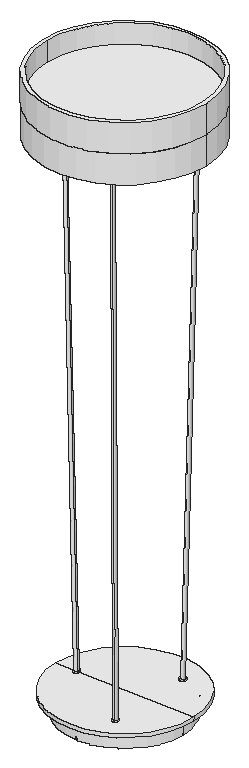
Revit family "DEEP FOCUS ROUND LIGHT", category Lighting Fixtures, host Face, Revit 2020 (continued)
Types (13): name | Wattage Comments | Wattage | Surface Mount | Photometric Web File | Order number | built-in parameter 1150142 | Model | built-in parameter 1150105 | Lumens | built-in parameter 1150106 | Fixture Diameter | Finish/Color | D2 | D1 | Apparent Load | Aircraft Cable Pendant Mount
  DFRID24-80-40901-SMK | "80 W" | 45.7783 W | yes | "DFRID24_80_XX901.IES" | "16832" | "IESNA:LM-63-2002\r\n[TEST] \r\n[DATE] 2022-08-05\r\n[MANUFAC] Aboveall lighting\r\n[LUMCAT] \r\n[LUMINAIRE] DFRID24-80-30901\r\n[LAMPCAT] \r\n[LAMP] SAMSUNG 2835 3000K\r\nTILT=NONE\r\n1 7200.7 1.48 181 9 1 2 0.6 0.6 0.115 \r\n1 1 81.99\r\n0. 1. 2. 3. 4. 5. 6. 7. 8. 9. 10. 11. 12. 13. 14. 15. 16. 17. 18. 19. 20. 21. 22. 23. 24. 25. 26. 27. 28. 29. 30. 31. 32. 33. 34. 35. 36. 37. 38. 39. 40. 41. 42. 43. 44. 45. 46. 47. 48. 49. 50. 51. 52. 53. 54. 55. 56. 57. 58. 59. 60. 61. 62. 63. 64. 65. 66. 67. 68. 69. 70. 71. 72. 73. 74. 75. 76. 77. 78. 79. 80. 81. 82. 83. 84. 85. 86. 87. 88. 89. 90. 91. 92. 93. 94. 95. 96. 97. 98. 99. 100. 101. 102. 103. 104. 105. 106. 107. 108. 109. 110. 111. 112. 113. 114. 115. 116. 117. 118. 119. 120. 121. 122. 123. 124. 125. 126. 127. 128. 129. 130. 131. 132. 133. 134. 135. 136. 137. 138. 139. 140. 141. 142. 143. 144. 145. 146. 147. 148. 149. 150. 151. 152. 153. 154. 155. 156. 157. 158. 159. 160. 161. 162. 163. 164. 165. 166. 167. 168. 169. 170. 171. 172. 173. 174. 175. 176. 177. 178. 179. 180. \r\n0. 45. 90. 135. 180. 225. 270. 315. 360. \r\n1205.18 1206.517 1204.393 1202.977 1199.791 1197.312 1193.064 1186.692 1183.859 1176.779 1168.99 1164.742 1155.184 1144.209 1138.544 1125.445 1111.992 1104.912 1090.397 1082.962 1067.385 1050.746 1042.604 1023.486 1014.636 897.807 897.807 897.807 897.807 897.807 897.807 897.807 887.541 865.945 854.97 832.667 820.984 798.68 776.377 753.011 740.974 717.255 704.156 680.082 656.008 643.971 618.836 593.7 581.309 556.527 531.037 518.293 493.157 480.412 454.922 429.432 403.942 390.844 365.0 337.952 325.172 312.816 287.645 275.254 250.65 238.507 214.433 191.138 179.809 157.435 146.602 125.148 104.862 77.354 76.222 58.768 50.661 35.084 21.312 15.435 9.948 9.311 9.098 8.674 8.709 12.78 47.9 66.982 83.833 100.295 106.668 120.687 128.122 143.663 159.382 167.064 181.898 190.359 205.653 214.539 229.975 245.091 252.809 267.572 267.076 281.131 295.257 300.319 308.604 308.214 308.32 308.108 309.666 310.834 311.825 315.153 318.162 322.269 324.11 328.995 336.395 339.545 342.271 340.961 344.927 348.077 354.379 374.204 380.577 395.092 411.377 407.483 396.508 416.333 421.998 426.954 437.929 450.674 456.338 453.152 450.674 445.717 438.991 435.805 434.743 432.619 431.202 431.91 434.389 437.575 438.283 436.867 437.929 446.78 450.674 452.09 455.984 456.338 453.86 454.568 460.232 459.878 458.462 454.568 455.276 460.587 465.897 468.729 471.915 472.623 466.251 454.922 449.258 453.506 470.145 474.393 480.058 482.89 483.952 482.182 477.934 \r\n1205.18 1201.915 1201.915 1199.791 1197.667 1196.604 1192.71 1188.108 1185.63 1179.965 1176.425 1169.344 1161.202 1156.6 1146.333 1141.022 1122.967 1122.967 1110.222 1096.061 1087.919 1073.05 1064.907 1048.976 1032.337 1023.486 899.223 899.223 899.223 899.223 899.223 899.223 899.223 899.223 877.982 856.74 846.12 823.462 801.513 775.315 766.464 754.781 731.77 708.404 698.137 673.001 660.611 636.537 612.109 599.718 574.937 562.192 537.41 512.628 499.883 462.003 462.003 435.451 409.961 397.216 372.08 358.981 334.129 309.028 296.673 260.279 248.278 236.489 213.194 190.43 179.172 157.293 136.052 125.714 105.039 77.531 74.097 56.219 47.687 32.039 25.348 13.949 10.869 10.55 10.019 9.806 9.452 15.896 46.696 59.264 83.267 106.774 114.067 130.281 147.699 164.126 172.375 189.262 197.794 214.752 231.355 239.604 255.818 271.254 266.581 241.197 221.974 210.574 203.175 201.653 202.538 204.272 205.653 208.06 211.07 235.745 271.643 294.089 328.854 343.121 362.876 370.31 383.763 395.8 401.464 412.439 417.395 427.662 437.929 442.885 453.152 463.773 468.375 478.288 487.138 491.741 500.591 507.672 511.566 519.001 525.373 528.913 536.348 539.534 545.552 545.552 549.447 556.173 559.005 561.13 562.546 572.104 577.769 579.539 582.371 582.371 583.433 586.619 590.16 590.514 590.16 589.098 589.098 588.744 588.035 588.744 589.452 590.514 591.222 590.16 585.911 578.123 573.52 589.098 645.742 685.392 689.287 679.02 672.293 662.381 664.151 \r\n1205.18 1203.331 1203.331 1202.977 1200.853 1199.791 1197.312 1196.25 1192.356 1188.108 1185.63 1179.257 1176.425 1168.99 1164.742 1155.538 1145.625 1139.606 1127.924 1121.905 1108.098 1094.291 1086.857 1071.634 1063.845 1048.268 1030.921 1022.07 1004.015 1004.015 1004.015 1004.015 1004.015 1004.015 1004.015 886.479 876.212 854.262 843.287 820.63 798.68 787.352 775.669 752.303 728.937 705.572 693.181 681.144 657.07 632.289 607.153 594.762 569.98 557.589 531.037 519.001 493.865 468.021 466.605 431.556 406.421 393.676 368.186 343.333 330.695 305.984 281.414 269.342 257.376 222.08 210.574 188.129 175.88 154.284 132.866 122.67 102.561 102.561 74.097 56.078 47.723 46.625 25.384 14.515 12.568 11.789 11.116 10.833 10.479 10.939 29.172 56.361 56.361 76.151 105.145 115.625 134.388 151.31 159.453 174.782 190.465 198.219 213.619 229.373 229.373 253.057 260.916 276.033 290.69 296.461 307.577 311.861 316.392 316.534 317.914 320.605 322.092 325.668 327.792 332.146 337.138 340.147 346.166 349.033 354.379 359.689 362.522 367.832 374.204 377.391 387.657 404.651 410.315 424.122 431.91 446.78 460.941 482.182 494.927 517.585 525.019 527.851 528.205 526.081 523.957 522.541 521.479 521.125 522.895 528.913 531.746 536.702 537.056 538.472 542.012 548.739 550.155 551.217 549.447 546.615 548.031 549.801 549.801 547.677 543.782 541.658 539.888 538.118 542.012 544.136 546.969 548.385 549.447 540.596 534.578 519.001 509.442 495.989 483.598 480.412 476.872 \r\n1205.18 1205.809 1205.101 1204.039 1201.915 1200.499 1196.958 1193.064 1190.586 1184.922 1178.549 1175.363 1167.574 1158.724 1154.122 1143.147 1131.464 1125.091 1111.638 1104.558 1090.397 1075.528 1058.181 1050.392 1042.249 1024.548 1015.698 997.288 889.311 889.311 889.311 889.311 889.311 889.311 889.311 867.715 857.448 835.145 813.195 801.513 775.315 755.135 743.452 720.441 696.721 685.038 660.611 636.183 624.146 599.364 574.583 561.838 536.702 523.957 498.821 486.076 460.587 435.451 422.706 395.446 382.701 356.857 331.544 318.835 293.805 281.45 256.987 233.055 221.372 198.254 186.89 164.622 143.38 132.476 111.553 76.788 76.788 62.202 46.306 37.562 23.826 13.736 12.674 11.895 11.506 11.01 10.479 12.462 47.935 51.404 100.189 106.526 115.306 131.874 139.592 163.453 171.029 179.526 197.829 215.353 223.921 232.276 260.492 260.492 266.758 253.234 234.931 227.673 213.123 209.937 210.432 212.026 214.539 216.345 220.027 228.346 235.108 253.199 265.059 283.857 295.363 300.036 308.427 312.285 319.472 327.119 330.801 337.634 341.032 348.077 351.795 358.981 365.708 368.54 374.204 377.391 383.055 387.657 392.968 398.278 401.11 404.297 410.315 415.625 418.103 423.06 420.936 418.103 414.563 415.625 417.041 418.812 417.749 418.812 421.644 426.246 426.6 426.246 421.998 419.52 418.812 418.458 418.103 416.333 414.917 412.439 409.253 407.483 402.526 398.986 390.844 380.223 373.142 360.397 406.775 427.662 442.885 447.488 444.655 439.699 436.159 \r\n1205.18 1208.287 1208.287 1208.287 1207.579 1205.809 1205.809 1202.269 1200.499 1196.25 1191.294 1188.462 1185.63 1179.257 1171.469 1166.512 1156.954 1146.687 1141.022 1128.986 1115.887 1115.887 1094.645 1080.13 1072.342 1056.411 1039.063 1030.567 1013.22 1004.015 1004.015 1004.015 1004.015 1004.015 1004.015 905.95 885.416 874.442 852.492 830.897 818.86 796.556 785.227 762.216 749.825 726.459 702.74 690.349 666.275 653.884 629.102 603.967 590.868 564.316 539.534 526.789 501.299 488.554 465.897 438.637 412.793 399.694 373.496 348.077 335.085 309.701 296.815 271.573 259.075 234.294 209.866 196.59 173.862 162.356 140.017 118.492 108.048 88.258 78.841 60.397 51.829 46.66 22.127 16.25 11.081 10.196 9.771 8.957 8.284 11.081 30.8 60.22 73.602 76.611 104.473 110.208 124.015 131.804 145.433 161.329 168.622 179.384 187.846 206.892 215.566 219.708 228.275 233.161 242.826 247.145 255.571 263.642 267.36 273.307 275.573 278.157 280.99 282.193 285.273 288.92 290.973 294.867 298.903 300.78 303.612 305.205 307.117 311.082 315.472 317.773 322.057 323.791 325.809 332.252 343.9 354.379 359.335 368.186 370.31 374.204 380.931 383.763 390.136 396.154 393.322 391.906 391.198 385.179 381.639 375.621 369.956 367.832 367.832 371.018 371.372 371.372 371.726 377.745 383.763 389.427 392.614 392.26 393.676 393.322 390.136 390.136 388.719 388.011 390.136 391.906 392.614 392.968 392.968 389.427 378.099 372.08 369.248 428.724 447.488 464.127 474.747 \r\n1205.18 1202.623 1202.269 1200.499 1200.145 1197.312 1194.126 1189.524 1187.4 1184.213 1184.213 1171.823 1163.68 1159.078 1149.873 1144.209 1132.88 1126.861 1113.409 1099.602 1092.875 1078.006 1070.218 1054.286 1037.647 1029.505 1011.803 1002.953 1002.953 1002.953 1002.953 1002.953 1002.953 1002.953 885.416 863.113 853.554 830.189 807.885 796.556 773.899 750.533 739.204 727.167 703.802 679.728 667.337 643.263 630.518 606.091 580.601 568.21 543.074 518.293 503.778 478.288 466.959 441.823 428.37 402.88 376.683 363.584 338.165 312.816 300.072 275.254 250.508 238.471 214.468 202.502 179.207 156.798 135.061 124.404 101.959 101.959 72.292 53.847 47.298 29.49 22.622 16.533 9.984 9.346 8.815 8.709 8.355 9.028 20.604 41.067 57.21 68.433 70.663 77.496 87.515 87.515 100.862 106.809 109.04 114.138 119.448 122.316 126.139 124.511 117.784 116.757 116.687 115.094 109.925 108.261 108.225 109.783 109.783 111.695 111.695 113.854 114.739 123.272 136.724 146.956 158.603 186.359 212.911 234.4 243.463 257.801 265.979 280.069 290.265 295.752 305.311 314.445 318.799 326.942 333.916 337.704 343.546 350.556 354.025 355.441 354.379 356.503 365.0 365.0 381.639 386.241 395.8 398.278 399.694 408.899 413.855 419.874 439.345 447.134 464.127 472.623 492.803 511.212 523.957 539.888 548.739 561.13 565.378 567.502 571.042 571.75 571.75 571.042 568.918 567.502 562.546 557.943 555.111 543.782 543.782 554.049 663.797 685.392 678.312 667.337 666.275 \r\n1205.18 1201.561 1199.437 1197.667 1194.48 1190.586 1188.108 1182.443 1179.257 1172.885 1165.096 1160.494 1151.289 1145.979 1134.65 1122.613 1115.887 1102.788 1095.353 1081.192 1073.404 1057.119 1040.479 1031.629 1014.636 1005.431 899.931 899.931 899.931 899.931 899.931 899.931 889.311 879.044 857.448 835.499 824.524 801.867 775.669 768.234 743.806 719.733 708.05 683.976 659.903 647.866 623.438 610.693 585.911 573.52 548.385 523.249 510.504 472.269 472.269 434.743 422.352 409.607 383.409 368.894 343.44 318.268 305.382 280.494 255.854 243.675 219.531 207.813 173.083 161.754 150.425 128.546 107.27 76.788 76.788 58.343 48.608 33.951 26.941 15.294 12.178 11.789 11.293 11.116 13.63 16.144 47.192 51.369 71.053 104.19 104.19 109.819 121.643 130.317 145.717 160.834 169.755 187.81 196.236 213.088 229.16 237.303 251.358 256.916 260.421 264.882 268.776 273.449 281.485 290.442 295.115 304.001 307.046 312.215 317.914 320.109 324.783 327.154 332.394 337.35 340.006 345.281 348.219 354.379 357.919 363.938 368.894 370.664 375.266 378.453 385.533 397.924 405.713 419.874 434.743 442.885 459.17 474.039 483.598 493.511 476.518 457.754 424.476 405.359 398.278 386.595 380.931 371.018 367.832 367.124 367.478 367.124 366.416 368.894 381.285 388.719 391.552 391.906 389.427 389.073 391.198 390.844 385.179 382.347 380.223 379.515 377.745 372.788 368.894 362.168 354.733 343.723 339.262 329.031 403.234 417.749 434.743 445.009 453.86 464.127 471.915 \r\n1205.18 1205.455 1204.747 1201.915 1201.207 1198.374 1196.958 1192.71 1190.232 1184.922 1177.841 1175.009 1165.804 1162.264 1152.351 1141.022 1135.358 1122.967 1116.595 1102.434 1088.273 1080.484 1065.261 1048.976 1040.479 1023.486 1005.431 1005.431 1005.431 1005.431 1005.431 1005.431 1005.431 897.807 875.858 875.858 843.287 831.959 809.655 786.998 775.669 753.011 740.974 717.963 693.889 682.206 658.132 645.742 620.96 608.569 584.141 559.005 545.906 519.709 494.219 481.828 467.313 467.313 418.812 393.322 367.124 354.733 329.279 304.249 291.646 267.218 255.04 242.826 207.671 196.13 173.508 162.568 139.627 118.669 108.261 87.763 78.027 59.795 51.05 46.767 21.171 15.435 10.55 10.09 9.488 10.771 12.055 15.081 42.943 56.644 77.213 117.642 121.041 135.733 151.204 159.453 173.401 181.119 195.811 211.105 221.867 241.728 260.315 268.74 276.317 277.202 256.951 246.26 226.647 215.424 213.088 214.256 214.716 216.168 217.725 221.336 224.877 227.603 237.268 258.509 272.139 289.982 302.656 308.462 321.278 332.217 337.173 345.635 351.83 355.087 361.814 367.832 370.31 375.266 377.391 381.993 384.471 390.136 392.614 398.278 403.234 405.713 410.669 412.793 415.625 414.917 415.979 412.439 410.315 407.837 407.837 408.899 411.731 411.731 410.315 411.023 414.917 414.563 413.501 408.545 406.421 405.005 405.005 405.005 400.048 399.34 397.57 396.862 395.092 384.825 382.347 373.142 368.186 359.335 344.643 374.912 438.991 453.152 445.717 437.221 436.867 \r\n1205.18 1206.517 1204.393 1202.977 1199.791 1197.312 1193.064 1186.692 1183.859 1176.779 1168.99 1164.742 1155.184 1144.209 1138.544 1125.445 1111.992 1104.912 1090.397 1082.962 1067.385 1050.746 1042.604 1023.486 1014.636 897.807 897.807 897.807 897.807 897.807 897.807 897.807 887.541 865.945 854.97 832.667 820.984 798.68 776.377 753.011 740.974 717.255 704.156 680.082 656.008 643.971 618.836 593.7 581.309 556.527 531.037 518.293 493.157 480.412 454.922 429.432 403.942 390.844 365.0 337.952 325.172 312.816 287.645 275.254 250.65 238.507 214.433 191.138 179.809 157.435 146.602 125.148 104.862 77.354 76.222 58.768 50.661 35.084 21.312 15.435 9.948 9.311 9.098 8.674 8.709 12.78 47.9 66.982 83.833 100.295 106.668 120.687 128.122 143.663 159.382 167.064 181.898 190.359 205.653 214.539 229.975 245.091 252.809 267.572 267.076 281.131 295.257 300.319 308.604 308.214 308.32 308.108 309.666 310.834 311.825 315.153 318.162 322.269 324.11 328.995 336.395 339.545 342.271 340.961 344.927 348.077 354.379 374.204 380.577 395.092 411.377 407.483 396.508 416.333 421.998 426.954 437.929 450.674 456.338 453.152 450.674 445.717 438.991 435.805 434.743 432.619 431.202 431.91 434.389 437.575 438.283 436.867 437.929 446.78 450.674 452.09 455.984 456.338 453.86 454.568 460.232 459.878 458.462 454.568 455.276 460.587 465.897 468.729 471.915 472.623 466.251 454.922 449.258 453.506 470.145 474.393 480.058 482.89 483.952 482.182 477.934 \r\n" | "DFRID24-80-40901-SMK" | 541.13 (stored number, unit not read) | 6800 lm | 5.4113 (stored number, unit not read) | 1' - 11 77/128" | White-PMMA Aluminum | 0' - 10 77/256" | 0' - 11 205/256" | 100 VA | no
